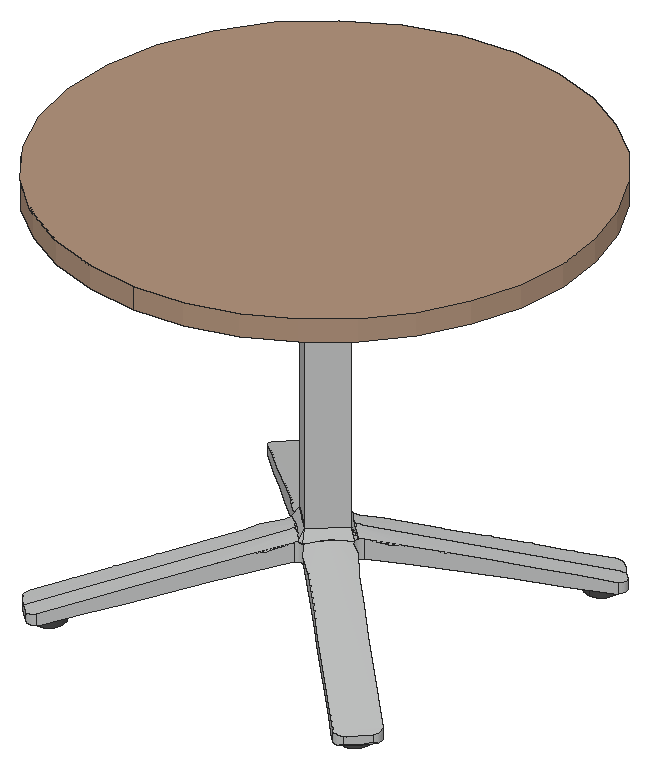
Revit family "Tables-Meeting-Teknion-BC_MOSB_Round_Blade_Star_Base-R2019", category Furniture, Revit 2019
Family settings
  OmniClass Number = 23.40.20.00
  OmniClass Title = General Furniture and Specialties
  Work Plane-Based = No
  Always vertical = Yes
  Cut with Voids When Loaded = No
  Shared = Yes
  Room Calculation Point = No
Parameters (values of type "1-9/16" Worksurface Thickness")
  Worksurface Thickness = 1.555"
  Worksurface Finish [instance] = Source Laminate - Teknion - 3M - Provincial Oak
  Warranty = "http://www.teknion.com/ca/papers/legal-canada"
  Unit Weight URL = "http://www.teknion.com/ca/tools/assets#&asset=bee6a381-b954-425e-8283-5a2de3a804f2,f828d448-4b62-4231-9e5f-9a8991c0ed77"
  URL = "www.teknion.com"
  To render please download texture images found here [instance] = "https://assets.teknion.com/web/5e81352c1dfdb467/revit-material-swatches/"
  Sustainability Data = "https://www.teknion.com/ca/tools/assets#&topic=216f99a5-57a0-44fc-b10a-9dee9b29ae4c&asset=444deb64-fe58-4b68-981e-f75e97781df7,b4ff2d81-9f2e-437d-9659-7cffb09c31cf"
  Support Frame Finish [instance] = Paint - Teknion - Mica - Platinum
  Series = "Expansion Casegoods"  # constant formula
  Product Page URL = "https://www.teknion.com/ca/products/product-details?productLineId=0053336e-8e7a-673b-a6c8-ff00004460c4"
  Product Line = "Expansion Casegoods"  # constant formula
  Product Documentation Link = "https://www.teknion.com/pricing/expansion-casegoods/pdfs/BC_MOSB_ppg.pdf"
  Power Pill Quad [instance] = no
  Power Pill Dual [instance] = no
  Power Module Cut-out Note [instance] = "Choose one of the following below."  # constant formula
  Part Number = "BC_MOSB"  # constant formula
  PQ Void Cut Hole Depth [instance] = if(Power Pill Quad, 11.000", 0.500")  # 0.500"
  PD Void Cut Hole Depth [instance] = if(Power Pill Dual, 11.000", 0.500")  # 0.500"
  No Cut-Out [instance] = not(or([Linear Power Module Compact 8"], Power Pill Dual, Power Pill Quad))  # yes
  Model = "BCXMOSB____"
  Metal Shroud Visibility [instance] = not([No Cut-Out])  # no
  Manufacturer Phone = "416-661-3370"  # constant formula
  Manufacturer Fax = "416.661.4586"  # constant formula
  Manufacturer Contact Information = "http://www.teknion.com/ca/contactus"
  Manufacturer Address = "1150 Flint Road, Toronto, ON. M3J 2J5. Canada"  # constant formula
  Manufacturer = "Teknion"  # constant formula
  Linear Power Module Compact 8" [instance] = no
  LC Void Cut Hole Depth [instance] = if([Linear Power Module Compact 8"], 11.000", 0.500")  # 0.500"
  How To Use Teknion Materials User Guide [instance] = "https://assets.teknion.com/m/205dd0a49fa58060/original/How-to-add-a-Material-Library-and-Texture-Images-to-your-Revit-project.pdf"
  For Additional Finishes please visit [instance] = "https://assets.teknion.com/m/44a8009b046e5d47/original/Teknion_Materials_Library.zip"
  Diameter [instance] = 36.000"
  Description = "Round Meeting Table – Blade Star Base, 1-9/16\" Worksurface Thickness"
  Center Pole Offset [instance] = if([No Cut-Out], 0.189", 4.646")  # 0.189"
  Available Diameters [instance] = "36\", 42\", or 48\""  # constant formula
  Assembly Code = "E2020200"
Types (3): name | Worksurface Thickness | Worksurface Finish | Model | Description
  1" Worksurface Thickness | 1.016" | Veneer-Teknion-5U-Flintwood-Raw_Umber | "BCDMOSB____" | "Round Meeting Table – Blade Star Base, 1\" Worksurface Thickness"
  1-3/16" Worksurface Thickness | 1.189" | Veneer-Teknion-5U-Flintwood-Raw_Umber | "BCMMOSB____" | "Round Meeting Table – Blade Star Base, 1-3/16\" Worksurface Thickness"
  1-9/16" Worksurface Thickness | 1.555" | Source Laminate - Teknion - 3M - Provincial Oak | "BCXMOSB____" | "Round Meeting Table – Blade Star Base, 1-9/16\" Worksurface Thickness"
Reference planes (in)
  plane 1 "Center Front/Back": y = -0.02809
  plane 2: z = 0
  plane 3 "Center Left/Right": x = -0.02766
  plane 4 "Left": x = -18.02766
  plane 5 "Right": x = 17.97234
  plane 6 "Back": y = 17.97191
  plane 7 "Front": y = -18.02809
  plane 8 "Top": z = 29.362
  plane 9: z = 27.807
  plane 10 "Leg Angled Plane": through (-12.52596, -9.34972, 48) normal (-0.7071, 0.7071, 0)
  plane 11: z = 36.862
Forms (in)
  Sweep 1, solid, material "Source Laminate - Teknion - 3M - Provincial Oak" <- "Worksurface Finish"
    path origin (0, -0.02809, 0) x (1, 0, 0) y (0, 0, 1)
      loop
        line (-0.02766, 29.362) -> (-0.02766, 27.807)
    profile origin (-0.02766, -0.02809, 28.5845) x (0, -1, 0) y (1, 0, 0)
      loop
        circle (0, 0) r 18
  Sweep 2, void
    path origin (0, -0.02809, 0) x (1, 0, 0) y (0, 0, 1)
      loop
        line (-0.02766, 36.862) -> (-0.02766, 36.362)
    profile origin (-0.02766, -0.02809, 36.612) x (0, -1, 0) y (1, 0, 0)
      loop
        line (2.29474, -3.45659) -> (2.29474, 3.51192)
        arc (2.29474, 3.51192) -> (2.17943, 3.7903) -> (1.90104, 3.90562) r 0.3937
        line (1.90104, 3.90562) -> (-1.95722, 3.90562)
        arc (-1.95722, 3.90562) -> (-2.23561, 3.7903) -> (-2.35093, 3.51192) r 0.3937
        line (-2.35093, 3.51192) -> (-2.35093, -3.45659)
        arc (-2.35093, -3.45659) -> (-2.23561, -3.73498) -> (-1.95722, -3.85029) r 0.3937
        line (-1.95722, -3.85029) -> (1.90104, -3.85029)
        arc (1.90104, -3.85029) -> (2.17943, -3.73498) -> (2.29474, -3.45659) r 0.3937
  Sweep 3, solid, material "Paint - Teknion - Mica - Platinum" <- "Support Frame Finish", visible <- "Metal Shroud Visibility"
    path origin (0, 0, 0) x (1, 0, 0) y (0, 1, 0)
      loop
        line (-6.54651, -0.02809) -> (6.49118, -0.02809)
    profile origin (-0.02766, -0.02809, 0) x (0, 1, 0) y (0, 0, 1)
      loop
        line (2.91124, 23.16124) -> (5.52528, 27.68889) -> (6.26418, 27.68889) -> (6.26418, 27.807) -> (5.45709, 27.807) -> (2.84305, 23.27935) -> (-2.78687, 23.27935) -> (-5.40091, 27.807) -> (-6.208, 27.807) -> (-6.208, 27.68889) -> (-5.48286, 27.68889) -> (-2.86881, 23.16124) -> (2.91124, 23.16124)
  Sweep 4, void
    path origin (0, 0, 0) x (1, 0, 0) y (0, 1, 0)
      loop
        line (-0.02766, 8.72191) -> (-0.02766, -8.77809)
    profile origin (-0.02766, -0.02809, 0) x (1, 0, 0) y (0, 0, 1)
      loop
        line (6.54635, 27.807) -> (3.86411, 23.16124) -> (-3.86411, 23.16124) -> (-6.54635, 27.807) -> (-7.36417, 27.807) -> (-7.36417, 21.75936) -> (7.36417, 21.75936) -> (7.36417, 27.807) -> (6.54635, 27.807)
  Sweep 5, solid, material "Paint - Teknion - Mica - Platinum" <- "Support Frame Finish", visible <- "Metal Shroud Visibility"
    path origin (0, 0, 0) x (1, 0, 0) y (0, 1, 0)
      loop
        line (-7.02504, -5.6002) -> (-7.02504, 5.6002)
    profile origin (-7.02504, 0, 0) x (-1, 0, 0) y (0, 0, 1)
      loop
        line (0.36679, 27.807) -> (-0.50604, 27.807) -> (-3.18827, 23.16124) -> (-3.13327, 23.16124) -> (-0.47854, 27.75936) -> (0.36679, 27.75936) -> (0.36679, 27.807)
      loop
        line (-14.36155, 27.807) -> (-14.36155, 27.75936) -> (-13.51622, 27.75936) -> (-10.86149, 23.16124) -> (-10.80648, 23.16124) -> (-13.48872, 27.807) -> (-14.36155, 27.807)
  Sweep 6, void
    path origin (0, 0, 0) x (1, 0, 0) y (0, 1, 0)
      loop
        line (-10.54651, -0.02809) -> (10.20349, -0.02809)
    profile origin (-0.17151, -0.02809, 0) x (0, 1, 0) y (0, 0, 1)
      loop
        line (5.62829, 23.16124) -> (5.62829, 27.68889) -> (5.52528, 27.68889) -> (2.91124, 23.16124) -> (5.62829, 23.16124)
      loop
        line (-5.62829, 23.16124) -> (-2.86881, 23.16124) -> (-5.48286, 27.68889) -> (-5.62829, 27.68889) -> (-5.62829, 23.16124)
  Sweep 7, solid, material "Paint - Teknion - Mica - Platinum" <- "Support Frame Finish"
    path origin (0, -0.02809, 0) x (1, 0, 0) y (0, 0, 1)
      loop
        line (-0.02766, 27.618) -> (-0.02766, 5.90157)
    profile origin (-0.02766, -0.02809, 16.75979) x (0, -1, 0) y (1, 0, 0)
      loop
        line (-1.952, 0) -> (-0.02809, -1.92391) -> (1.89582, 0) -> (-0.02809, 1.92391) -> (-1.952, 0)
  Revolve 8, solid, material "Paint - Teknion - Mica - Platinum" <- "Support Frame Finish"
    sketch origin (-0.01383, 0.01383, 0) x (-0.707107, -0.707107, 0) y (0, 0, 1)
      loop
        arc (1.82031, 5.28958) -> (1.50896, 5.49197) -> (1.37997, 5.84019) r 0.59055
        line (1.37997, 5.84019) -> (0.01956, 5.84019) -> (0.01956, 0.4685) -> (17.86994, 0.4685) -> (18.0198, 1.03973) -> (1.82031, 5.28958)
      axis (0.01956, 5.84019) -> (0.01956, 0.4685)
    angle from 0 to 360
  Blend 9, solid, material "Paint - Teknion - Mica - Platinum" <- "Support Frame Finish"
    base sketch origin (0, 0, 0) x (1, 0, 0) y (0, 1, 0)
      loop
        arc (-2.41564, 0.15866) -> (-2.39685, 0) -> (-2.41564, -0.15866) r 0.67904
        line (-2.41564, -0.15866) -> (-0.22726, -2.34704)
        arc (-0.22726, -2.34704) -> (-0.02766, -2.30802) -> (0.17194, -2.34704) r 0.53
        line (0.17194, -2.34704) -> (2.36031, -0.15866)
        arc (2.36031, -0.15866) -> (2.34152, 0) -> (2.36031, 0.15866) r 0.67904
        line (2.36031, 0.15866) -> (0.14157, 2.37741)
        arc (0.14157, 2.37741) -> (-0.02766, 2.35489) -> (-0.1969, 2.37741) r 0.64734
        line (-0.1969, 2.37741) -> (-2.41564, 0.15866)
    top sketch origin (0, 0, 0) x (1, 0, 0) y (0, 1, 0)
      loop
        line (-1.95158, 0) -> (-0.02766, -1.92391) -> (1.89625, 0) -> (-0.02766, 1.92391) -> (-1.95158, 0)
    from 5.15647 to 5.90157
  Sweep 10, void
    path origin (0, -0.02809, 0) x (1, 0, 0) y (0, 0, 1)
      loop
        line (-0.02766, 0) -> (-0.02766, 5.90157)
    profile origin (-0.02766, -0.02809, 2.95079) x (-1, 0, 0) y (0, -1, 0)
      loop
        line (0.43416, -2.55016) -> (11.17425, -13.29026)
        arc (11.17425, -13.29026) -> (11.58784, -13.45413) -> (11.99575, -13.27659) r 0.57959
        line (11.99575, -13.27659) -> (13.256, -12.01633)
        arc (13.256, -12.01633) -> (13.42587, -11.6106) -> (13.26217, -11.20234) r 0.58
        line (13.26217, -11.20234) -> (2.56807, -0.50825)
        arc (2.56807, -0.50825) -> (2.36918, -0.02809) -> (2.56807, 0.45207) r 0.67904
        line (2.56807, 0.45207) -> (13.26217, 11.14616)
        arc (13.26217, 11.14616) -> (13.42949, 11.55981) -> (13.2485, 11.96766) r 0.57154
        line (13.2485, 11.96766) -> (11.99575, 13.22041)
        arc (11.99575, 13.22041) -> (11.58776, 13.39339) -> (11.17425, 13.23407) r 0.59088
        line (11.17425, 13.23407) -> (0.37419, 2.43401)
        arc (0.37419, 2.43401) -> (0, 2.27902) -> (-0.37419, 2.43401) r 0.52919
        line (-0.37419, 2.43401) -> (-11.17425, 13.23407)
        arc (-11.17425, 13.23407) -> (-11.58776, 13.39339) -> (-11.99575, 13.22041) r 0.59088
        line (-11.99575, 13.22041) -> (-13.2485, 11.96766)
        arc (-13.2485, 11.96766) -> (-13.42949, 11.55981) -> (-13.26217, 11.14616) r 0.57154
        line (-13.26217, 11.14616) -> (-2.56807, 0.45207)
        arc (-2.56807, 0.45207) -> (-2.36918, -0.02809) -> (-2.56807, -0.50825) r 0.67904
        line (-2.56807, -0.50825) -> (-13.26217, -11.20234)
        arc (-13.26217, -11.20234) -> (-13.42587, -11.6106) -> (-13.256, -12.01633) r 0.58
        line (-13.256, -12.01633) -> (-11.99575, -13.27659)
        arc (-11.99575, -13.27659) -> (-11.58784, -13.45413) -> (-11.17425, -13.29026) r 0.57959
        line (-11.17425, -13.29026) -> (-0.48016, -2.59616)
        arc (-0.48016, -2.59616) -> (-0.03252, -2.3838) -> (0.43416, -2.55016) r 0.64734
      loop
        line (18, -18) -> (18, 18) -> (-18, 18) -> (-18, -18) -> (18, -18)
  Revolve 11, void
    sketch origin (-0.00086, 0.00086, 0) x (-0.707107, -0.707107, 0) y (0, 0, 1)
      loop
        line (17.29824, 0.41473) -> (1.41969, 4.03761)
        arc (1.41969, 4.03761) -> (0.72405, 4.15576) -> (0.01956, 4.19531) r 6.29425
        line (0.01956, 4.19531) -> (0.01956, 0) -> (17.29824, 0) -> (17.29824, 0.41473)
      axis (0.01956, 4.19531) -> (0.01956, 0)
    angle from 0 to 360
  Sweep 12, solid, material "Plastic - Teknion - E - Ebony"
    path origin (0, -0.02809, 0) x (1, 0, 0) y (0, 0, 1)
      loop
        line (-11.61297, 0.3937) -> (-11.61297, 0)
    profile origin (-11.61297, -0.02809, 0.19685) x (0, -1, 0) y (1, 0, 0)
      loop
        circle (-11.61391, -0.00148) r 1.07822
  Sweep 13, solid, material "Paint - Teknion - Mica - Platinum" <- "Support Frame Finish"
    path origin (0, -0.02809, 0) x (1, 0, 0) y (0, 0, 1)
      loop
        line (-11.61445, 0.3937) -> (-11.61445, 1.3185)
    profile origin (-11.61445, -0.02809, 0.8561) x (-1, 0, 0) y (0, -1, 0)
      loop
        circle (-0.00074, -11.61381) r 0.18968
  Sweep 14, solid, material "Plastic - Teknion - E - Ebony"
    path origin (23.17081, -0.02809, 0) x (1, 0, 0) y (0, 0, 1)
      loop
        line (-11.61297, 0.3937) -> (-11.61297, 0)
    profile origin (11.55785, -0.02809, 0.19685) x (0, -1, 0) y (1, 0, 0)
      loop
        circle (-11.61391, -0.00148) r 1.07822
  Sweep 15, solid, material "Paint - Teknion - Mica - Platinum" <- "Support Frame Finish"
    path origin (23.17081, -0.02809, 0) x (1, 0, 0) y (0, 0, 1)
      loop
        line (-11.61445, 0.3937) -> (-11.61445, 1.3185)
    profile origin (11.55636, -0.02809, 0.8561) x (-1, 0, 0) y (0, -1, 0)
      loop
        circle (-0.00074, -11.61381) r 0.18968
  Sweep 16, solid, material "Plastic - Teknion - E - Ebony"
    path origin (23.17081, -23.1999, 0) x (1, 0, 0) y (0, 0, 1)
      loop
        line (-11.61297, 0.3937) -> (-11.61297, 0)
    profile origin (11.55785, -23.1999, 0.19685) x (0, -1, 0) y (1, 0, 0)
      loop
        circle (-11.61391, -0.00148) r 1.07822
  Sweep 17, solid, material "Paint - Teknion - Mica - Platinum" <- "Support Frame Finish"
    path origin (23.17081, -23.1999, 0) x (1, 0, 0) y (0, 0, 1)
      loop
        line (-11.61445, 0.3937) -> (-11.61445, 1.3185)
    profile origin (11.55636, -23.1999, 0.8561) x (-1, 0, 0) y (0, -1, 0)
      loop
        circle (-0.00074, -11.61381) r 0.18968
  Sweep 18, solid, material "Plastic - Teknion - E - Ebony"
    path origin (0.00253, -23.1999, 0) x (1, 0, 0) y (0, 0, 1)
      loop
        line (-11.61297, 0.3937) -> (-11.61297, 0)
    profile origin (-11.61044, -23.1999, 0.19685) x (0, -1, 0) y (1, 0, 0)
      loop
        circle (-11.61391, -0.00148) r 1.07822
  Sweep 19, solid, material "Paint - Teknion - Mica - Platinum" <- "Support Frame Finish"
    path origin (0.00253, -23.1999, 0) x (1, 0, 0) y (0, 0, 1)
      loop
        line (-11.61445, 0.3937) -> (-11.61445, 1.3185)
    profile origin (-11.61192, -23.1999, 0.8561) x (-1, 0, 0) y (0, -1, 0)
      loop
        circle (-0.00074, -11.61381) r 0.18968
  Sweep 20, void
    path origin (0, -0.02809, 0) x (1, 0, 0) y (0, 0, 1)
      loop
        line (-0.02766, 36.862) -> (-0.02766, 36.362)
    profile origin (-0.02766, -0.02809, 36.612) x (0, -1, 0) y (1, 0, 0)
      loop
        line (-1.44935, 1.15748) -> (-1.44935, -1.15748)
        arc (-1.44935, -1.15748) -> (-0.02809, -2.57874) -> (1.39317, -1.15748) r 1.42126
        line (1.39317, -1.15748) -> (1.39317, 1.15748)
        arc (1.39317, 1.15748) -> (-0.02809, 2.57874) -> (-1.44935, 1.15748) r 1.42126
  Sweep 21, void
    path origin (0, -0.02809, 0) x (1, 0, 0) y (0, 0, 1)
      loop
        line (-0.02766, 36.862) -> (-0.02766, 36.362)
    profile origin (-0.02766, -0.02809, 36.612) x (0, -1, 0) y (1, 0, 0)
      loop
        line (-1.68163, 2.24409) -> (-1.68163, -2.24409)
        arc (-1.68163, -2.24409) -> (-0.02809, -3.89764) -> (1.62545, -2.24409) r 1.65354
        line (1.62545, -2.24409) -> (1.62545, 2.24409)
        arc (1.62545, 2.24409) -> (-0.02809, 3.89764) -> (-1.68163, 2.24409) r 1.65354
  Sweep 22, solid, material "Paint - Teknion - Mica - Platinum" <- "Support Frame Finish", visible <- "No Cut-Out"
    path origin (0, -0.02809, 0) x (1, 0, 0) y (0, 0, 1)
      loop
        line (-0.02766, 27.807) -> (-0.02766, 27.61805)
    profile origin (-0.02766, -0.02809, 27.71252) x (0, -1, 0) y (1, 0, 0)
      loop
        line (-7.50679, -0.31618) -> (-0.24252, -7.58045)
        arc (-0.24252, -7.58045) -> (0.02278, -7.69034) -> (0.28809, -7.58045) r 0.3752
        line (0.28809, -7.58045) -> (7.55236, -0.31618)
        arc (7.55236, -0.31618) -> (7.66225, -0.05087) -> (7.55236, 0.21443) r 0.3752
        line (7.55236, 0.21443) -> (0.28809, 7.4787)
        arc (0.28809, 7.4787) -> (0.02278, 7.58859) -> (-0.24252, 7.4787) r 0.3752
        line (-0.24252, 7.4787) -> (-7.50679, 0.21443)
        arc (-7.50679, 0.21443) -> (-7.61668, -0.05087) -> (-7.50679, -0.31618) r 0.3752
Cuts and joins
  Sweep 2, Sweep 20, Sweep 21 cuts Sweep 1
  Sweep 4, Sweep 6 cuts Sweep 3
  Sweep 6 cuts Sweep 5
  Sweep 10, Revolve 11 cuts Revolve 8
Lines and regions (in)
  Masking region 1
    outline origin (0, 0, 0) x (1, 0, 0) y (0, 1, 0)
      loop
        circle (-0.02766, -0.02809) r 18
  symbolic lines, style "FurnitureHiddenLines", detail levels medium+fine
    curve 1: line (-11.20192, 13.26217, 0) -> (-0.46182, 2.52207, 0)
    curve 2: line (-2.59573, 0.48016, 0) -> (-13.28983, 11.17425, 0)
    curve 3: line (0.45249, 2.56807, 0) -> (11.14659, 13.26217, 0)
    curve 4: line (13.2345, 11.17425, 0) -> (2.54041, 0.48016, 0)
    curve 5: line (2.54041, -0.48016, 0) -> (13.2345, -11.17425, 0)
    curve 6: line (11.14659, -13.26217, 0) -> (0.34653, -2.46211, 0)
    curve 7: line (-0.40186, -2.46211, 0) -> (-11.20192, -13.26217, 0)
    curve 8: line (-13.28983, -11.17425, 0) -> (-2.59573, -0.48016, 0)
    curve 9: line (-12.02341, -13.2485, 0) -> (-13.27616, -11.99575, 0)
    curve 10: line (13.22083, -11.99575, 0) -> (11.96808, -13.2485, 0)
    curve 11: line (11.96808, 13.2485, 0) -> (13.22834, 11.98824, 0)
    curve 12: line (-13.28367, 11.98824, 0) -> (-12.02341, 13.2485, 0)
    curve 13: arc (-11.20192, 13.26217, 0) -> (-11.6155, 13.42604, 0) -> (-12.02341, 13.2485, 0) r 0.57959
    curve 14: arc (-13.28367, 11.98824, 0) -> (-13.45353, 11.58251, 0) -> (-13.28983, 11.17425, 0) r 0.58
    curve 15: arc (13.2345, 11.17425, 0) -> (13.3982, 11.58251, 0) -> (13.22834, 11.98824, 0) r 0.58
    curve 16: arc (11.96808, 13.2485, 0) -> (11.56018, 13.42604, 0) -> (11.14659, 13.26217, 0) r 0.57959
    curve 17: arc (13.22083, -11.99575, 0) -> (13.40182, -11.5879, 0) -> (13.2345, -11.17425, 0) r 0.57154
    curve 18: arc (11.14659, -13.26217, 0) -> (11.5601, -13.42148, 0) -> (11.96808, -13.2485, 0) r 0.59088
    curve 19: arc (-12.02341, -13.2485, 0) -> (-11.61543, -13.42148, 0) -> (-11.20192, -13.26217, 0) r 0.59088
    curve 20: arc (-13.28983, -11.17425, 0) -> (-13.45715, -11.5879, 0) -> (-13.27616, -11.99575, 0) r 0.57154
    curve 21: arc (0.45249, 2.56807, 0) -> (0.00486, 2.35571, 0) -> (-0.46182, 2.52207, 0) r 0.64734
    curve 22: arc (-2.59573, 0.48016, 0) -> (-2.39685, 0, 0) -> (-2.59573, -0.48016, 0) r 0.67904
    curve 23: arc (-0.40186, -2.46211, 0) -> (-0.02766, -2.30711, 0) -> (0.34653, -2.46211, 0) r 0.52919
    curve 24: arc (2.54041, -0.48016, 0) -> (2.34152, 0, 0) -> (2.54041, 0.48016, 0) r 0.67904
  symbolic lines, style "FurnitureHiddenLines", detail levels fine
    curve 25: arc (-11.61445, 12.66404, 0) -> (-12.69267, 11.58582, 0) -> (-11.61445, 10.50761, 0) r 1.07822
    curve 26: arc (-11.61445, 10.50761, 0) -> (-10.53623, 11.58582, 0) -> (-11.61445, 12.66404, 0) r 1.07822
    curve 27: arc (-11.42403, 11.58572, 0) -> (-11.61371, 11.39604, 0) -> (-11.80339, 11.58572, 0) r 0.18968
    curve 28: arc (-11.80339, 11.58572, 0) -> (-11.61371, 11.7754, 0) -> (-11.42403, 11.58572, 0) r 0.18968
    curve 29: arc (11.55636, 10.50761, 0) -> (12.63458, 11.58582, 0) -> (11.55636, 12.66404, 0) r 1.07822
    curve 30: arc (11.55636, 12.66404, 0) -> (10.47815, 11.58582, 0) -> (11.55636, 10.50761, 0) r 1.07822
    curve 31: arc (11.74678, 11.58572, 0) -> (11.5571, 11.39604, 0) -> (11.36742, 11.58572, 0) r 0.18968
    curve 32: arc (11.36742, 11.58572, 0) -> (11.5571, 11.7754, 0) -> (11.74678, 11.58572, 0) r 0.18968
    curve 33: arc (11.55636, -12.6642, 0) -> (12.63458, -11.58599, 0) -> (11.55636, -10.50777, 0) r 1.07822
    curve 34: arc (11.55636, -10.50777, 0) -> (10.47815, -11.58599, 0) -> (11.55636, -12.6642, 0) r 1.07822
    curve 35: arc (11.74678, -11.58609, 0) -> (11.5571, -11.77577, 0) -> (11.36742, -11.58609, 0) r 0.18968
    curve 36: arc (11.36742, -11.58609, 0) -> (11.5571, -11.39641, 0) -> (11.74678, -11.58609, 0) r 0.18968
    curve 37: arc (-11.61192, -10.50777, 0) -> (-12.69014, -11.58599, 0) -> (-11.61192, -12.6642, 0) r 1.07822
    curve 38: arc (-11.61192, -12.6642, 0) -> (-10.5337, -11.58599, 0) -> (-11.61192, -10.50777, 0) r 1.07822
    curve 39: arc (-11.4215, -11.58609, 0) -> (-11.61118, -11.77577, 0) -> (-11.80086, -11.58609, 0) r 0.18968
    curve 40: arc (-11.80086, -11.58609, 0) -> (-11.61118, -11.39641, 0) -> (-11.4215, -11.58609, 0) r 0.18968
    curve 41: line (-2.41564, 0.15866, 0) -> (-0.1969, 2.37741, 0)
    curve 42: line (0.14157, 2.37741, 0) -> (2.36031, 0.15866, 0)
    curve 43: line (2.36031, -0.15866, 0) -> (0.17194, -2.34704, 0)
    curve 44: line (-0.22726, -2.34704, 0) -> (-2.41564, -0.15866, 0)
  symbolic lines, style "FurnitureHiddenLines", visible <- "Metal Shroud Visibility", detail levels fine
    curve 45: line (-6.54651, 6.23609, 0) -> (6.49118, 6.23609, 0)
    curve 46: line (-6.54651, -6.23609, 0) -> (-6.54651, 6.23609, 0)
    curve 47: line (6.49118, -6.23609, 0) -> (-6.54651, -6.23609, 0)
    curve 48: line (6.49118, 6.23609, 0) -> (6.49118, -6.23609, 0)
    curve 49: line (7.33651, 5.6002, 0) -> (6.49118, 5.6002, 0)
    curve 50: line (-7.39184, 5.6002, 0) -> (-7.39184, -5.6002, 0)
    curve 51: line (7.33651, -5.6002, 0) -> (7.33651, 5.6002, 0)
    curve 52: line (-6.54651, 5.6002, 0) -> (-7.39184, 5.6002, 0)
    curve 53: line (-6.54651, -5.6002, 0) -> (-7.39184, -5.6002, 0)
    curve 54: line (7.33651, -5.6002, 0) -> (6.49118, -5.6002, 0)
    curve 55: line (-3.95997, 2.81496, 0) -> (-3.95997, -2.81496, 0)
    curve 56: line (3.90464, 2.81496, 0) -> (-3.95997, 2.81496, 0)
    curve 57: line (3.90464, -2.81496, 0) -> (3.90464, 2.81496, 0)
    curve 58: line (3.90464, -2.81496, 0) -> (-3.95997, -2.81496, 0)
    curve 59: line (-6.54651, 5.4015, 0) -> (-3.95997, 2.81496, 0)
    curve 60: line (-3.95997, -2.81496, 0) -> (-6.54651, -5.4015, 0)
    curve 61: line (6.49118, -5.4015, 0) -> (3.90464, -2.81496, 0)
    curve 62: line (3.90464, 2.81496, 0) -> (6.49118, 5.4015, 0)
  reference lines
    curve 63: line (-18.02766, 17.97191, 0) -> (-18.02766, -18.02809, 0)
    curve 64: line (-18.02766, 17.97191, 0) -> (17.97234, 17.97191, 0)
    curve 65: line (17.97234, 17.97191, 0) -> (17.97234, -18.02809, 0)
    curve 66: line (-18.02766, -18.02809, 0) -> (17.97234, -18.02809, 0)
  symbolic lines, visible <- "Linear Power Module Compact 8""
    curve 67: line (3.48425, 2.32283, 0) -> (-3.48425, 2.32283, 0)
    curve 68: line (-3.48425, -2.32283, 0) -> (3.48425, -2.32283, 0)
    curve 69: line (-3.87795, 1.92913, 0) -> (-3.87795, -1.92913, 0)
    curve 70: line (3.87795, -1.92913, 0) -> (3.87795, 1.92913, 0)
    curve 71: arc (3.48425, -2.32283, 0) -> (3.76264, -2.20752, 0) -> (3.87795, -1.92913, 0) r 0.3937
    curve 72: arc (3.87795, 1.92913, 0) -> (3.76264, 2.20752, 0) -> (3.48425, 2.32283, 0) r 0.3937
    curve 73: arc (-3.48425, 2.32283, 0) -> (-3.76264, 2.20752, 0) -> (-3.87795, 1.92913, 0) r 0.3937
    curve 74: arc (-3.87795, -1.92913, 0) -> (-3.76264, -2.20752, 0) -> (-3.48425, -2.32283, 0) r 0.3937
  symbolic lines, visible <- "Power Pill Quad"
    curve 75: line (2.21643, 1.65354, 0) -> (-2.27176, 1.65354, 0)
    curve 76: line (-2.27176, -1.65354, 0) -> (2.21643, -1.65354, 0)
    curve 77: arc (2.21643, -1.65354, 0) -> (3.86997, 0, 0) -> (2.21643, 1.65354, 0) r 1.65354
    curve 78: arc (-2.27176, 1.65354, 0) -> (-3.9253, 0, 0) -> (-2.27176, -1.65354, 0) r 1.65354
  symbolic lines, visible <- "Power Pill Dual"
    curve 79: line (1.12982, 1.42126, 0) -> (-1.18514, 1.42126, 0)
    curve 80: line (-1.18514, -1.42126, 0) -> (1.12982, -1.42126, 0)
    curve 81: arc (-1.18514, 1.42126, 0) -> (-2.6064, 0, 0) -> (-1.18514, -1.42126, 0) r 1.42126
    curve 82: arc (1.12982, -1.42126, 0) -> (2.55108, 0, 0) -> (1.12982, 1.42126, 0) r 1.42126
  symbolic lines, style "FurnitureHiddenLines", visible <- "No Cut-Out", detail levels fine
    curve 83: line (-0.34384, 7.4787, 0) -> (-7.60811, 0.21443, 0)
    curve 84: line (7.45104, 0.21443, 0) -> (0.18677, 7.4787, 0)
    curve 85: line (0.18677, -7.58045, 0) -> (7.45104, -0.31618, 0)
    curve 86: line (-7.60811, -0.31618, 0) -> (-0.34384, -7.58045, 0)
    curve 87: arc (-7.60811, 0.21443, 0) -> (-7.718, -0.05087, 0) -> (-7.60811, -0.31618, 0) r 0.3752
    curve 88: arc (0.18677, 7.4787, 0) -> (-0.07854, 7.58859, 0) -> (-0.34384, 7.4787, 0) r 0.3752
    curve 89: arc (7.45104, -0.31618, 0) -> (7.56093, -0.05087, 0) -> (7.45104, 0.21443, 0) r 0.3752
    curve 90: arc (-0.34384, -7.58045, 0) -> (-0.07854, -7.69034, 0) -> (0.18677, -7.58045, 0) r 0.3752
Dimensions and locks (in)
  "Diameter": plane 4 "Left" to plane 5 "Right"
  "Diameter": plane 6 "Back" to plane 7 "Front"
  locked: plane 9 to level at 27.807
  equal spacing: plane 4 "Left", plane 3 "Center Left/Right", plane 5 "Right"
  equal spacing: plane 7 "Front", plane 1 "Center Front/Back", plane 6 "Back"
  Sweep 2 sketch curve to Sweep 2 sketch curve to Sweep 2 sketch curve to plane 1 "Center Front/Back" to Sweep 2 sketch curve to Sweep 2 sketch curve to Sweep 2 sketch curve = 0.3937" locked, 0.000" locked, 1.95722" locked, 1.90104" locked, 0.000" locked, 0.3937" locked
  Sweep 2 sketch curve to Sweep 2 sketch curve to plane 3 "Center Left/Right" to Sweep 2 sketch curve to Sweep 2 sketch curve to Sweep 2 sketch curve = 0.000" locked, 3.45659" locked, 3.51192" locked, 0.000" locked, 0.3937" locked
  "Worksurface Thickness": plane 8 "Top" to plane 9
  plane 9 to Sweep 5 sketch curve to Sweep 5 sketch curve to Sweep 5 sketch curve = 0.04764" locked, 4.59813" locked, 0.000" locked
  locked: plane 9 to Sweep 5 sketch curve at 0.04764
  plane 3 "Center Left/Right" to Sweep 5 sketch curve to Sweep 5 sketch curve to Sweep 5 sketch curve to Sweep 5 sketch curve to Sweep 5 sketch curve = 3.80911" locked, 0.05501" locked, 2.62723" locked, 0.0275" locked, 0.84533" locked  (x2)
  Sweep 3 sketch curve to Sweep 3 sketch curve to Sweep 3 sketch curve = 0.11811" locked, 4.40954" locked
  Sweep 3 sketch curve to Sweep 3 sketch curve to Sweep 3 sketch curve to Sweep 3 sketch curve to Sweep 3 sketch curve to plane 1 "Center Front/Back" to Sweep 3 sketch curve to Sweep 3 sketch curve to Sweep 3 sketch curve to Sweep 3 sketch curve = 0.7389" locked, 0.06819" locked, 2.54585" locked, 0.06819" locked, 2.84305" locked, 2.78687" locked, 0.08194" locked, 2.61404" locked, 0.72514" locked
  Sweep 6 sketch curve to Sweep 6 sketch curve to plane 9 = 4.52765" locked, 0.11811" locked  (x2)
  plane 1 "Center Front/Back" to Sweep 6 sketch curve to Sweep 6 sketch curve = 2.86881" locked, 2.75947" locked
  Sweep 6 sketch curve to Sweep 6 sketch curve to Sweep 6 sketch curve to plane 1 "Center Front/Back" = 0.103" locked, 2.61404" locked, 2.91124" locked
  Sweep 7 sketch curve to plane 1 "Center Front/Back" to Sweep 7 sketch curve to Sweep 7 sketch curve to Sweep 7 sketch curve = 1.89582" locked, 0.02809" locked, 0.000" locked, 1.92391" locked
  Sweep 7 sketch curve to plane 3 "Center Left/Right" to Sweep 7 sketch curve to Sweep 7 sketch curve to Sweep 7 sketch curve = 1.92391" locked, 0.000" locked, 0.000" locked, 1.92391" locked
  locked: Sweep 12 sketch curve to plane 1 "Center Front/Back" at 11.61391
  locked: Sweep 12 sketch curve to plane 3 "Center Left/Right" at 11.58679
  locked: Sweep 13 sketch curve to plane 1 "Center Front/Back" at 11.61381
  locked: Sweep 13 sketch curve to plane 3 "Center Left/Right" at 11.58605
  locked: plane 11 to plane 8 "Top" at 7.5
  "LC Void Cut Hole Depth": plane 11 to Sweep 2 sketch curve
  plane 9 to Sweep 4 sketch curve to Sweep 4 sketch curve = 4.64576" locked, 1.40187" locked
  Sweep 4 sketch curve to Sweep 4 sketch curve to plane 3 "Center Left/Right" to Sweep 4 sketch curve to Sweep 4 sketch curve = 3.50006" locked, 3.86411" locked, 3.86411" locked, 3.50006" locked
  locked: plane 1 "Center Front/Back" to Sweep 14 sketch curve at 11.61391
  locked: plane 3 "Center Left/Right" to Sweep 14 sketch curve at 11.58403
  locked: plane 1 "Center Front/Back" to Sweep 15 sketch curve at 11.61381
  locked: plane 3 "Center Left/Right" to Sweep 15 sketch curve at 11.58477
  locked: Sweep 16 sketch curve to plane 1 "Center Front/Back" at 11.5579
  locked: plane 3 "Center Left/Right" to Sweep 16 sketch curve at 11.58403
  locked: plane 3 "Center Left/Right" to Sweep 17 sketch curve at 11.58477
  locked: Sweep 17 sketch curve to plane 1 "Center Front/Back" at 11.558
  locked: Sweep 18 sketch curve to plane 1 "Center Front/Back" at 11.5579
  locked: Sweep 18 sketch curve to plane 3 "Center Left/Right" at 11.58426
  locked: Sweep 19 sketch curve to plane 1 "Center Front/Back" at 11.558
  locked: Sweep 19 sketch curve to plane 3 "Center Left/Right" at 11.58352
  "PD Void Cut Hole Depth": plane 11 to Sweep 20 sketch curve
  Sweep 20 sketch curve to plane 3 "Center Left/Right" to Sweep 20 sketch curve = 1.15748" locked, 1.15748" locked
  Sweep 20 sketch curve to plane 1 "Center Front/Back" to Sweep 20 sketch curve to Sweep 20 sketch curve to Sweep 20 sketch curve = 1.39317" locked, 0.02809" locked, 0.000" locked, 1.42126" locked
  Sweep 10 sketch curve to Sweep 10 sketch curve to Sweep 10 sketch curve to Sweep 10 sketch curve to Sweep 10 sketch curve to plane 1 "Center Front/Back" to Sweep 10 sketch curve to Sweep 10 sketch curve to Sweep 10 sketch curve to Sweep 10 sketch curve to Sweep 10 sketch curve to Sweep 10 sketch curve to Sweep 10 sketch curve = 0.000" locked, 1.25229" locked, 0.000" locked, 8.74209" locked, 2.80821" locked, 0.02809" locked, 0.000" locked, 3.00223" locked, 8.57589" locked, 0.000" locked, 1.26841" locked, 0.000" locked
  Sweep 10 sketch curve to Sweep 10 sketch curve to Sweep 10 sketch curve to Sweep 10 sketch curve to Sweep 10 sketch curve to plane 3 "Center Left/Right" to Sweep 10 sketch curve to Sweep 10 sketch curve to Sweep 10 sketch curve to Sweep 10 sketch curve to Sweep 10 sketch curve to Sweep 10 sketch curve to Sweep 10 sketch curve = 0.01214" locked, 1.26768" locked, 0.00026" locked, 8.52971" locked, 3.04823" locked, 0.000" locked, 0.000" locked, 3.04823" locked, 8.52971" locked, 0.00026" locked, 1.26768" locked, 0.01214" locked
  Revolve 11 sketch curve to plane 3 "Center Left/Right" to Revolve 11 sketch curve = 0.01297" locked, 12.2049" locked
  Revolve 11 sketch curve to plane 2 to Revolve 11 sketch curve = 0.41473" locked, 2.09894" locked
  plane 3 "Center Left/Right" to Revolve 8 sketch curve to Revolve 8 sketch curve to Revolve 8 sketch curve to Revolve 8 sketch curve = 0.96196" locked, 0.41733" locked, 11.24284" locked, 0.10596" locked
  Revolve 8 sketch curve to Revolve 8 sketch curve to Revolve 8 sketch curve to Revolve 8 sketch curve to plane 2 = 0.02061" locked, 4.80047" locked, 0.57122" locked, 0.4685" locked
  locked: Sweep 10 sketch curve to plane 2 at 5.90157
  Blend 9 sketch curve to plane 1 "Center Front/Back" to Blend 9 sketch curve to Blend 9 sketch curve to Blend 9 sketch curve = 2.80993" locked, 0.02809" locked, 0.000" locked, 3.00223" locked
  Blend 9 sketch curve to plane 3 "Center Left/Right" to Blend 9 sketch curve to Blend 9 sketch curve to Blend 9 sketch curve = 3.04823" locked, 0.000" locked, 0.000" locked, 3.04823" locked
  Blend 9 sketch curve to Blend 9 sketch curve to Blend 9 sketch curve to plane 3 "Center Left/Right" to Blend 9 sketch curve = 1.92391" locked, 0.000" locked, 0.000" locked, 1.92391" locked
  Blend 9 sketch curve to plane 1 "Center Front/Back" to Blend 9 sketch curve to Blend 9 sketch curve to Blend 9 sketch curve = 1.89582" locked, 0.02809" locked, 0.000" locked, 1.92391" locked
  locked: Sweep 7 sketch curve to plane 2 at 5.90157
  "Center Pole Offset": plane 9 to Sweep 7 sketch curve
  locked: Blend 9 to level at 5.15647
  locked: Sweep 16 sketch curve to level at 0.3937
  locked: Sweep 16 sketch curve to plane 3 "Center Left/Right" at 11.58551
  Sweep 17 sketch curve to Sweep 17 sketch curve to level = 0.9248" locked, 0.3937" locked
  locked: Sweep 17 sketch curve to plane 3 "Center Left/Right" at 11.58403
  Sweep 19 sketch curve to Sweep 19 sketch curve to plane 2 = 0.9248" locked, 0.3937" locked
  locked: plane 3 "Center Left/Right" to Sweep 19 sketch curve at 11.58426
  locked: Sweep 18 sketch curve to level at 0.3937
  locked: plane 3 "Center Left/Right" to Sweep 18 sketch curve at 11.58277
  Sweep 15 sketch curve to Sweep 15 sketch curve to plane 2 = 0.9248" locked, 0.3937" locked
  locked: Sweep 15 sketch curve to plane 3 "Center Left/Right" at 11.58403
  locked: Sweep 14 sketch curve to plane 2 at 0.3937
  locked: plane 3 "Center Left/Right" to Sweep 14 sketch curve at 11.58551
  locked: Sweep 12 sketch curve to plane 2 at 0.3937
  locked: plane 1 "Center Front/Back" to Sweep 12 sketch curve at 0
  locked: plane 3 "Center Left/Right" to Sweep 13 sketch curve at 11.58679
  Sweep 13 sketch curve to Sweep 13 sketch curve to plane 2 = 0.9248" locked, 0.3937" locked
  Sweep 5 sketch curve to plane 1 "Center Front/Back" to Sweep 5 sketch curve = 5.57211" locked, 5.62829" locked
  locked: Sweep 5 sketch curve to plane 3 "Center Left/Right" at 6.99738
  Sweep 3 sketch curve to plane 3 "Center Left/Right" to Sweep 3 sketch curve = 6.51884" locked, 6.51884" locked
  Sweep 4 sketch curve to plane 1 "Center Front/Back" to Sweep 4 sketch curve = 8.750" locked, 8.750" locked
  Sweep 6 sketch curve to plane 3 "Center Left/Right" to Sweep 6 sketch curve = 10.51884" locked, 10.23116" locked
  "PQ Void Cut Hole Depth": plane 11 to Sweep 21 sketch curve
  Sweep 21 sketch curve to plane 3 "Center Left/Right" to Sweep 21 sketch curve = 2.24409" locked, 2.24409" locked
  Sweep 21 sketch curve to plane 1 "Center Front/Back" to Sweep 21 sketch curve to Sweep 21 sketch curve to Sweep 21 sketch curve = 1.62545" locked, 0.02809" locked, 0.000" locked, 1.65354" locked
  curve 14 to curve 14 to curve 14 to cut or joined group of Revolve 8, Sweep 10, Revolve 11 to curve 13 to curve 13 to curve 22 = 0.00616" locked, 0.41012" locked, 1.01878" locked, 0.2489" locked, 0.40395" locked, 8.12602" locked
  plane 1 "Center Front/Back" to curve 14 to curve 13 = 11.60621" locked, 1.26841" locked
  curve 19 to curve 20 to plane 1 "Center Front/Back" = 1.25229" locked, 11.5503" locked
  curve 20 to curve 19 to plane 3 "Center Left/Right" = 1.28009" locked, 11.57793" locked
  plane 3 "Center Left/Right" to curve 18 to curve 17 = 11.57793" locked, 1.28009" locked
  curve 18 to curve 18 to curve 18 to curve 17 to curve 17 to curve 17 to plane 1 "Center Front/Back" = 0.01367" locked, 0.41781" locked, 0.83493" locked, 0.41736" locked, 0.40414" locked, 11.14616" locked
  plane 3 "Center Left/Right" to curve 16 to curve 15 = 11.5782" locked, 1.26768" locked
  plane 1 "Center Front/Back" to curve 15 to curve 16 = 11.60621" locked, 1.26841" locked
  locked: plane 9 to Sweep 22 sketch curve at 0.18895
  Sweep 22 sketch curve to Sweep 22 sketch curve to Sweep 22 sketch curve to plane 3 "Center Left/Right" to Sweep 22 sketch curve = 7.26427" locked, 0.000" locked, 0.05087" locked, 7.2134" locked
  Sweep 22 sketch curve to Sweep 22 sketch curve to Sweep 22 sketch curve to plane 1 "Center Front/Back" to Sweep 22 sketch curve = 7.26427" locked, 0.000" locked, 0.02278" locked, 7.24149" locked
  curve 90 to curve 87 to curve 89 to plane 1 "Center Front/Back" to curve 88 = 7.26427" locked, 0.000" locked, 0.02278" locked, 7.24149" locked
  curve 87 to curve 88 to curve 90 to plane 3 "Center Left/Right" to curve 89 = 7.26427" locked, 0.000" locked, 0.05087" locked, 7.2134" locked
  "Diameter": diameter of Sweep 1 sketch curve
  aligned and locked: level to plane 2
  aligned and locked: Sweep 3 sketch curve to plane 9  (x2)
  aligned and locked: plane 11 to Sweep 2 sketch curve
  aligned and locked: Sweep 4 sketch curve to plane 9  (x2)
  aligned and locked: plane 11 to Sweep 20 sketch curve
  aligned and locked: plane 2 to Revolve 11 sketch curve
  aligned and locked: Revolve 8 sketch curve to plane 3 "Center Left/Right"
  aligned and locked: plane 2 to Sweep 10 sketch curve
  aligned and locked: Sweep 7 sketch curve to plane 3 "Center Left/Right"
  aligned and locked: Blend 9 to Sweep 7
  aligned and locked: plane 2 to Sweep 18 sketch curve
  aligned and locked: plane 2 to Sweep 16 sketch curve
  aligned and locked: plane 2 to Sweep 14 sketch curve
  aligned and locked: level to Sweep 12 sketch curve
  aligned and locked: plane 1 "Center Front/Back" to Sweep 3 sketch curve
  aligned and locked: Sweep 4 sketch curve to plane 3 "Center Left/Right"
  aligned and locked: plane 1 "Center Front/Back" to Sweep 6 sketch curve
  aligned and locked: plane 11 to Sweep 21 sketch curve
  aligned and locked: Masking region 1 sketch curve to cut or joined group of Sweep 1, Sweep 2, Sweep 20, Sweep 21  (x2)
  aligned and locked: curve 63 to plane 4 "Left"
  aligned and locked: curve 64 to plane 6 "Back"
  aligned and locked: curve 65 to plane 5 "Right"
  aligned and locked: curve 66 to plane 7 "Front"
  aligned and locked: curve 71 to cut or joined group of Sweep 1, Sweep 2, Sweep 20, Sweep 21
  aligned and locked: curve 72 to cut or joined group of Sweep 1, Sweep 2, Sweep 20, Sweep 21
  aligned and locked: curve 73 to cut or joined group of Sweep 1, Sweep 2, Sweep 20, Sweep 21
  aligned and locked: curve 74 to cut or joined group of Sweep 1, Sweep 2, Sweep 20, Sweep 21
  aligned and locked: curve 77 to Sweep 21
  aligned and locked: curve 78 to Sweep 21
  aligned and locked: curve 81 to Sweep 20
  aligned and locked: curve 82 to Sweep 20
  aligned and locked: plane 9 to Sweep 22 sketch curve
Automatic sketch dimensions
  Sweep 1 sketch curve to plane 3 "Center Left/Right" = 0.000"
  Sweep 1 sketch curve to plane 9 = 0.000"
  Sweep 1 sketch curve to plane 8 "Top" = 0.000"
  plane 1 "Center Front/Back" to Sweep 1 sketch curve = 0.000"
  Sweep 1 sketch curve to profile plane = 0.000"
  Sweep 3 sketch curve to Sweep 3 sketch curve = 0.08194"
  Sweep 3 sketch curve to Sweep 3 sketch curve = 0.11811"  (x2)
  Sweep 4 sketch curve to Sweep 4 sketch curve = 0.81783"
  Sweep 4 sketch curve to Sweep 4 sketch curve = 2.68223"
  Sweep 5 sketch curve to Sweep 5 sketch curve = 0.04764"  (x2)
  Sweep 6 sketch curve to Sweep 6 sketch curve = 0.14543"
  level to Revolve 8 sketch curve = 0.4685"
  Revolve 8 sketch curve to Revolve 8 sketch curve = 1.36041"
  level to Revolve 8 sketch curve = 5.28958"
  Revolve 8 sketch curve to Revolve 8 sketch curve = 0.44033"
  Revolve 8 sketch curve to Revolve 8 sketch curve = 0.14986"
  Revolve 8 sketch curve to Revolve 8 sketch curve = 16.04963"
  level to Revolve 8 sketch curve = 1.03973"
  Revolve 8 sketch curve to Revolve 8 sketch curve = 0.55061"
  Revolve 8 sketch curve to Revolve 8 sketch curve = 0.000"
  Revolve 8 sketch curve to level = 1.90981"
  Revolve 8 sketch curve to Revolve 8 sketch curve = 10.750"
  Blend 9 sketch curve to plane 3 "Center Left/Right" = 0.1996"
  Blend 9 sketch curve to plane 3 "Center Left/Right" = 0.16923"
  plane 1 "Center Front/Back" to Blend 9 sketch curve = 0.13057"  (x2)
  Blend 9 sketch curve to Blend 9 sketch curve = 0.000"  (x2)
  Blend 9 sketch curve to Blend 9 sketch curve = 0.66025"  (x2)
  plane 3 "Center Left/Right" to Blend 9 sketch curve = 0.1996"
  plane 3 "Center Left/Right" to Blend 9 sketch curve = 0.16923"
  Blend 9 sketch curve to Blend 9 sketch curve = 0.49098"
  Blend 9 sketch curve to Blend 9 sketch curve = 0.62482"
  Sweep 10 sketch curve to plane 3 "Center Left/Right" = 0.000"
  profile plane to Sweep 10 sketch curve = 0.37419"
  profile plane to Sweep 10 sketch curve = 0.48016"
  plane 1 "Center Front/Back" to Sweep 10 sketch curve = 0.45207"  (x2)
  Sweep 10 sketch curve to Sweep 10 sketch curve = 0.000"  (x2)
  Sweep 10 sketch curve to Sweep 10 sketch curve = 0.48016"  (x2)
  Sweep 10 sketch curve to Sweep 10 sketch curve = 0.40368"  (x2)
  Sweep 10 sketch curve to Sweep 10 sketch curve = 0.40395"  (x2)
  Sweep 10 sketch curve to Sweep 10 sketch curve = 0.41781"  (x4)
  Sweep 10 sketch curve to Sweep 10 sketch curve = 0.41755"  (x2)
  Sweep 10 sketch curve to Sweep 10 sketch curve = 0.39047"  (x2)
  Sweep 10 sketch curve to Sweep 10 sketch curve = 0.41012"  (x2)
  Sweep 10 sketch curve to Sweep 10 sketch curve = 0.41628"  (x2)
  Sweep 10 sketch curve to Sweep 10 sketch curve = 0.40414"  (x4)
  Sweep 10 sketch curve to Sweep 10 sketch curve = 6.00425"  (x2)
  Sweep 10 sketch curve to profile plane = 0.37419"
  Sweep 10 sketch curve to profile plane = 0.43416"
  Sweep 10 sketch curve to Sweep 10 sketch curve = 0.046"
  Sweep 10 sketch curve to Sweep 10 sketch curve = 0.40387"  (x2)
  Sweep 10 sketch curve to Sweep 10 sketch curve = 0.40197"  (x2)
  Sweep 10 sketch curve to Sweep 10 sketch curve = 5.98367"
  Sweep 10 sketch curve to Sweep 10 sketch curve = 0.37419"
  Sweep 10 sketch curve to Sweep 10 sketch curve = 4.77959"
  level to Revolve 11 sketch curve = 0.000"
  level to Revolve 11 sketch curve = 4.19531"
  level to Revolve 11 sketch curve = 4.03761"
  Revolve 11 sketch curve to Revolve 11 sketch curve = 1.40012"
  Revolve 11 sketch curve to Revolve 11 sketch curve = 15.87855"
  Revolve 11 sketch curve to Revolve 11 sketch curve = 0.41473"
  Revolve 11 sketch curve to Revolve 11 sketch curve = 0.000"
  Revolve 11 sketch curve to Revolve 11 sketch curve = 0.79425"
  Revolve 11 sketch curve to Revolve 11 sketch curve = 2.250"
  plane 4 "Left" to Sweep 12 sketch curve = 6.4147"
  curve 9 to curve 20 = 0.39047"
  curve 8 to curve 20 = 0.40414"
  curve 2 to plane 1 "Center Front/Back" = 0.50825"
  plane 1 "Center Front/Back" to curve 8 = 0.45207"
  curve 7 to plane 3 "Center Left/Right" = 0.37419"
  plane 3 "Center Left/Right" to curve 6 = 0.37419"
  curve 4 to plane 1 "Center Front/Back" = 0.50825"
  plane 1 "Center Front/Back" to curve 5 = 0.45207"
  curve 15 to curve 11 = 0.41012"
  curve 44 to plane 3 "Center Left/Right" = 0.1996"
  plane 3 "Center Left/Right" to curve 43 = 0.1996"
  curve 23 to plane 3 "Center Left/Right" = 0.000"
  curve 1 to plane 3 "Center Left/Right" = 0.43416"
  curve 2 to curve 22 = 0.000"
  curve 47 to curve 55 = 2.58654"
  curve 50 to curve 52 = 0.84533"
  curve 19 to curve 7 = 0.40368"
  curve 39 to curve 19 = 0.00558"
  curve 37 to curve 39 = 0.00074"
  curve 27 to curve 13 = 0.00785"
  curve 25 to curve 27 = 0.00074"
  plane 3 "Center Left/Right" to curve 3 = 0.48016"
  curve 4 to curve 5 = 0.000"
  curve 4 to curve 24 = 0.48016"
  curve 56 to curve 45 = 2.58654"
  curve 54 to curve 51 = 0.84533"
  curve 6 to curve 18 = 0.40368"
  curve 16 to curve 30 = 0.00583"
  curve 18 to curve 34 = 0.00609"
  curve 30 to curve 31 = 0.00074"
  curve 34 to curve 36 = 0.00074"
  curve 16 to curve 11 = 0.41755"
  curve 17 to curve 10 = 0.39047"
  curve 18 to curve 36 = 1.24459"
  curve 35 to curve 34 = 0.0001"
  curve 39 to curve 38 = 0.0001"
  plane 1 "Center Front/Back" to curve 48 = 6.208"
  curve 46 to curve 50 = 0.63589"
  curve 47 to curve 51 = 0.63589"
  plane 1 "Center Front/Back" to curve 23 = 2.80821"
  curve 55 to curve 8 = 2.3348"
  curve 23 to curve 7 = 0.37419"
  curve 1 to plane 1 "Center Front/Back" = 2.55016"
  curve 1 to curve 3 = 0.046"
  curve 2 to curve 59 = 2.3348"
  curve 56 to curve 51 = 2.78524"
  curve 55 to curve 52 = 2.78524"
  curve 49 to curve 48 = 0.63589"
  curve 15 to curve 15 = 0.40387"
  curve 14 to curve 27 = 0.0076"
  curve 15 to curve 31 = 0.0076"
  curve 27 to curve 25 = 0.0001"
  curve 31 to curve 30 = 0.0001"
  curve 16 to curve 11 = 0.40197"
  curve 41 to plane 1 "Center Front/Back" = 0.18675"
  plane 1 "Center Front/Back" to curve 44 = 0.13057"
  curve 39 to curve 40 = 0.18968"
  curve 27 to curve 27 = 0.18968"
  curve 41 to plane 3 "Center Left/Right" = 0.16923"
  plane 3 "Center Left/Right" to curve 42 = 0.16923"
  plane 1 "Center Front/Back" to curve 43 = 0.13057"
  curve 42 to plane 1 "Center Front/Back" = 0.18675"
  curve 35 to curve 33 = 0.18894"
  curve 31 to curve 29 = 0.18894"
  curve 18 to curve 34 = 0.16648"
  curve 19 to curve 38 = 0.16648"
  curve 54 to curve 61 = 0.1987"
  curve 53 to curve 60 = 0.1987"
  curve 6 to curve 43 = 0.11507"
  curve 7 to curve 44 = 0.11507"
  curve 62 to curve 49 = 0.1987"
  curve 59 to curve 52 = 0.1987"
  curve 29 to curve 31 = 1.07811"
  curve 21 to plane 3 "Center Left/Right" = 0.000"
  curve 12 to curve 13 = 0.41755"
  curve 2 to curve 14 = 0.40387"
  curve 26 to curve 13 = 0.18249"
  curve 13 to curve 12 = 0.40197"
  curve 9 to curve 19 = 0.41781"
  curve 19 to curve 9 = 0.01367"
  curve 9 to curve 39 = 0.40965"
  curve 20 to curve 20 = 0.41736"
  curve 3 to curve 16 = 0.40395"
  curve 15 to curve 4 = 0.41628"
  curve 67 to curve 56 = 0.42039"
  curve 55 to curve 68 = 0.47572"
  curve 22 to curve 75 = 0.32398"
  curve 75 to curve 4 = 0.32398"
  Sweep 22 sketch curve to plane 3 "Center Left/Right" = 0.000"
  Sweep 22 sketch curve to profile plane = 0.21443"  (x2)
  Sweep 22 sketch curve to Sweep 22 sketch curve = 0.000"
  Sweep 22 sketch curve to Sweep 22 sketch curve = 0.2653"  (x4)
  Sweep 22 sketch curve to plane 1 "Center Front/Back" = 0.24252"  (x2)
  plane 1 "Center Front/Back" to Sweep 22 sketch curve = 0.28809"  (x2)
  profile plane to Sweep 22 sketch curve = 0.31618"
  curve 83 to plane 1 "Center Front/Back" = 0.24252"
  curve 86 to curve 87 = 0.000"
  curve 87 to curve 87 = 0.2653"
  plane 3 "Center Left/Right" to curve 85 = 0.21443"
  plane 3 "Center Left/Right" to curve 84 = 0.21443"
  curve 84 to plane 1 "Center Front/Back" = 0.24252"
  curve 84 to curve 85 = 0.000"
  curve 86 to curve 85 = 0.000"
  curve 83 to curve 84 = 0.000"
  curve 88 to curve 88 = 0.2653"
  curve 89 to curve 85 = 0.2653"
  curve 85 to curve 90 = 0.2653"
  Sweep 2 sketch curve to plane 3 "Center Left/Right" = 0.000"
  Sweep 20 sketch curve to plane 3 "Center Left/Right" = 0.000"
  Sweep 21 sketch curve to plane 3 "Center Left/Right" = 0.000"
  radius of Sweep 12 sketch curve = 1.07822"
  radius of Sweep 13 sketch curve = 0.18968"
  radius of Sweep 14 sketch curve = 1.07822"
  radius of Sweep 15 sketch curve = 0.18968"
  radius of Sweep 16 sketch curve = 1.07822"
  radius of Sweep 17 sketch curve = 0.18968"
  radius of Sweep 18 sketch curve = 1.07822"
  radius of Sweep 19 sketch curve = 0.18968"
